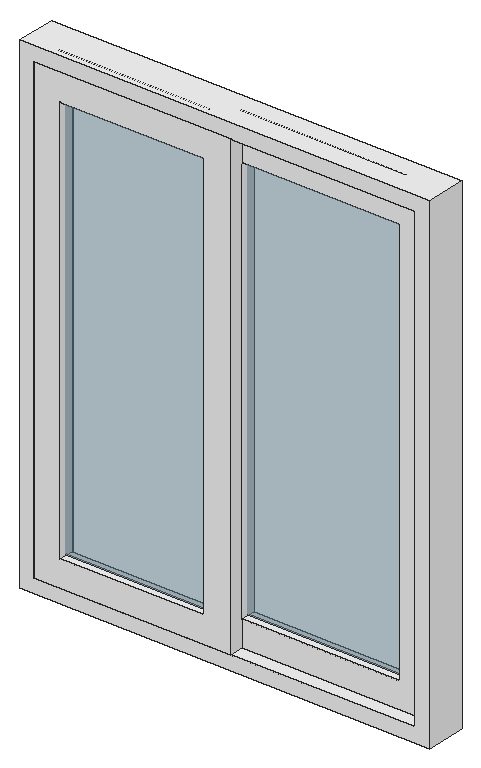
Revit family
Parameters (values of type "10 X 12")
  Assembly Code = ""
  Cost = 434204
  Top Rail = 50 mm
  Stile = 50 mm
  Shutter = 합성수지
  Panel = Glass (2)
  Height = 1210 mm
  Frame Width = 50 mm
  Frame Depth = 100 mm
  Frame = 합성수지
  Default Sill Height = 0 mm
  Wall Closure = (empty or 0)
  Width = 1010 mm
  Bottom Rail = 50 mm
Reference planes
  plane 1: y = 5
  plane 2 "Center (Left/Right)": x = 0
  plane 3 "Left": x = -505
  plane 4 "Right": x = 505
  plane 5 "Sill": z = 0
  plane 6 "Head": z = 1210
  plane 7 "Exterior": y = 80
  plane 8 "Interior": y = -70
  plane 9: x = -455
  plane 10: x = 455
  plane 11: y = 55
  plane 12: y = -45
  plane 13: z = 1160
  plane 14: z = 50
  plane 15: x = -405
  plane 16: x = 405
  plane 17: z = 1110
  plane 18: z = 100
  plane 19: x = -50
  plane 20: x = 50
  plane 21: z = 605
Forms (mm)
  Sweep 1, solid, material "합성수지" <- "Frame"
    path origin (0, 5.744, -44.994) x (1, 0, 0) y (0, 0, 1)
      loop
        line (-350, 200) -> (350, 200) -> (350, 1100) -> (-350, 1100) -> (-350, 200)
    profile origin (0, 0, 605.006) x (-1, 0, 0) y (0, -1, 0)
      loop
        line (505, 43.66) -> (470, 43.66) -> (470, 8.66) -> (455, 8.66) -> (455, -56.34) -> (505, -56.34) -> (505, 43.66)
  Extrusion 2, solid, material "합성수지" <- "Shutter"
    sketch origin (0, -45, 0) x (1, 0, 0) y (0, 0, 1)
      loop
        line (16.241, 35.006) -> (16.241, 1175.006) -> (-470, 1175.006) -> (-470, 35.006) -> (16.241, 35.006)
      loop
        line (-405, 1110) -> (-405, 100) -> (-50, 100) -> (-50, 1110) -> (-405, 1110)
    from 0 to -35
  Extrusion 3, solid, material "Glass (2)" <- "Panel"
    sketch origin (0, 0, 100) x (0, -1, 0) y (-1, 0, 0)
      loop
        line (25.5, 50) -> (29.5, 50) -> (29.5, 421.429) -> (25.5, 421.429) -> (25.5, 50)
      loop
        line (-9.5, 0) -> (-9.5, -406.59) -> (-5.5, -406.59) -> (-5.5, 0) -> (-9.5, 0)
    from 0 to -1110
  Extrusion 4, solid, material "합성수지" <- "Shutter"
    sketch origin (755, -10, 0) x (1, 0, 0) y (0, 0, 1)
      loop
        line (-285, 35.006) -> (-285, 1175.006) -> (-770, 1175.006) -> (-770, 35.006) -> (-285, 35.006)
      loop
        line (-738.759, 1110) -> (-738.759, 100) -> (-350, 100) -> (-350, 1110) -> (-738.759, 1110)
    from 0 to -35
Lines and regions (mm)
  Opening 1
    outline origin (3500, -70, 0) x (1, 0, 0) y (0, 0, 1)
      loop
        line (-2995, 0) -> (-2995, 1210) -> (-4005, 1210) -> (-4005, 0) -> (-2995, 0)
  symbolic lines, style "WindowsFrameMullionProjection", detail levels medium+fine
    curve 1: line (-505, 56.34, 0) -> (-470, 56.34, 0)
    curve 2: line (-470, -14.405, 0) -> (-470, -45, 0)
    curve 3: line (-505, -45, 0) -> (-470, -45, 0)
    curve 4: line (505, 56.34, 0) -> (455, 56.34, 0)
    curve 5: line (455, -8.66, 0) -> (470, -8.66, 0)
    curve 6: line (470, -8.66, 0) -> (470, -43.66, 0)
    curve 7: line (470, -43.66, 0) -> (505, -43.66, 0)
    curve 8: line (505, -43.66, 0) -> (505, 56.34, 0)
    curve 10: line (-505, 56.34, 0) -> (-505, -45, 0)
  symbolic lines, style "Plan Swing"
    curve 9: line (-470, -45, 0) -> (470, -43.66, 0)
  symbolic lines, style "WindowsFrameMullionProjection", detail levels coarse
    curve 11: line (-470, -45, 0) -> (-505, -45, 0)
    curve 12: line (-470, 56.34, 0) -> (-470, -45, 0)
    curve 13: line (-505, 56.34, 0) -> (-455, 56.34, 0)
    curve 14: line (-505, -45, 0) -> (-505, 56.34, 0)
    curve 15: line (470, -43.66, 0) -> (505, -43.66, 0)
    curve 16: line (470, 56.34, 0) -> (470, -43.66, 0)
    curve 17: line (505, 56.34, 0) -> (470, 56.34, 0)
    curve 18: line (505, -43.66, 0) -> (505, 56.34, 0)
    curve 32: line (-455, 56.34, 0) -> (-455, -8.66, 0)
    curve 33: line (-455, -8.66, 0) -> (-470, -8.66, 0)
    curve 34: line (455, 56.34, 0) -> (455, -8.66, 0)
  symbolic lines, style "Elevation Swing Coarse", detail levels coarse
    curve 19: line (455, 0, 605) -> (0, 0, 1005)
    curve 20: line (455, 0, 605) -> (0, 0, 95)
    curve 21: line (0, 0, 1005) -> (-455, 0, 605)
    curve 22: line (0, 0, 95) -> (-455, 0, 605)
  symbolic lines, style "Plan Swing", detail levels coarse
    curve 23: line (-470, -8.66, 0) -> (470, -8.66, 0)
  symbolic lines, style "Elevation Swing Medium", detail levels medium
    curve 24: line (455, 0, 605) -> (0, 0, 1005)
    curve 25: line (455, 0, 605) -> (0, 0, 95)
    curve 26: line (0, 0, 1005) -> (-455, 0, 605)
    curve 27: line (0, 0, 95) -> (-455, 0, 605)
  symbolic lines, style "Elevation Swing Fine", detail levels fine
    curve 28: line (455, 0, 605) -> (0, 0, 1005)
    curve 29: line (455, 0, 605) -> (0, 0, 95)
    curve 30: line (0, 0, 1005) -> (-455, 0, 605)
    curve 31: line (0, 0, 95) -> (-455, 0, 605)
Text (mm)
  text "EXTERIOR" at (-1963.203, 1332.353, 0), in view "Ref. Level"
  text "INTERIOR" at (-1981.466, -818.386, 0), in view "Ref. Level"
  text "Exterior" at (0, 923.751, 2943.296), in view "Right"
  text "Exterior" at (0, 1040.484, 2685.409), in view "Left"
Dimensions and locks
  equal spacing: plane 3 "Left", plane 2 "Center (Left/Right)", plane 4 "Right"
  "Width": plane 3 "Left" to plane 4 "Right"
  "Height": plane 5 "Sill" to plane 6 "Head"
  "Default Sill Height": plane 5 "Sill" to level
  locked: plane 7 "Exterior" to host wall at 0
  locked: plane 8 "Interior" to host wall
  locked: Sweep 1 sketch curve to Sweep 1 sketch curve at 15
  locked: Sweep 1 sketch curve to Sweep 1 sketch curve at 35
  "Frame Width": plane 3 "Left" to plane 9
  "Frame Width": plane 10 to plane 4 "Right"
  "Frame Depth": plane 12 to plane 11
  "Frame Width": plane 6 "Head" to plane 13
  "Frame Width": plane 14 to plane 5 "Sill"
  "Stile": plane 15 to plane 9
  "Stile": plane 10 to plane 16
  "Stile": plane 2 "Center (Left/Right)" to plane 19
  "Stile": plane 20 to plane 2 "Center (Left/Right)"
  "Top Rail": plane 13 to plane 17
  "Bottom Rail": plane 18 to plane 14
  equal spacing: plane 6 "Head", plane 21, plane 5 "Sill"
  equal spacing: plane 8 "Interior", plane 1, plane 7 "Exterior"
  aligned and locked: Sweep 1 sketch curve to plane 3 "Left"
  aligned and locked: plane 9 to Sweep 1 sketch curve
  aligned and locked: plane 15 to Extrusion 2 sketch curve
  aligned and locked: plane 17 to Extrusion 2 sketch curve
  aligned and locked: plane 18 to Extrusion 2 sketch curve
  aligned and locked: Extrusion 2 sketch curve to plane 19
  aligned and locked: curve 1 to Sweep 1  (x2)
  aligned and locked: Sweep 1 to curve 3
  aligned and locked: Sweep 1 to curve 4
  aligned and locked: Sweep 1 to curve 5
  aligned and locked: Sweep 1 to curve 6
  aligned and locked: curve 10 to curve 3
  aligned and locked: curve 18 to Sweep 1  (x2)
  aligned and locked: curve 23 to Sweep 1
  aligned: Extrusion 2 to Sweep 1
Automatic sketch dimensions
  curve 26 to plane 2 "Center (Left/Right)" = 0 mm
  curve 21 to plane 9 = 0 mm
  curve 21 to plane 21 = 0 mm
  curve 24 to plane 10 = 0 mm
  curve 24 to plane 21 = 0 mm
  curve 29 to plane 2 "Center (Left/Right)" = 0 mm
  curve 30 to plane 21 = 400 mm
  plane 21 to curve 29 = 510 mm
  Opening 1 sketch curve to level = 0 mm
  Opening 1 sketch curve to plane 3 "Left" = 0 mm
  Opening 1 sketch curve to plane 4 "Right" = 0 mm
  Opening 1 sketch curve to plane 6 "Head" = 0 mm
  plane 15 to Sweep 1 sketch curve = 55 mm
  Sweep 1 sketch curve to plane 16 = 55 mm
  Sweep 1 sketch curve to plane 18 = 55.006 mm
  plane 17 to Sweep 1 sketch curve = 54.994 mm
  Sweep 1 sketch curve to Sweep 1 sketch curve = 65 mm
  plane 2 "Center (Left/Right)" to Extrusion 2 sketch curve = 16.241 mm
  Extrusion 2 sketch curve to plane 9 = 15 mm
  plane 14 to Extrusion 2 sketch curve = 14.994 mm
  Extrusion 2 sketch curve to plane 13 = 15.006 mm
  Extrusion 3 sketch curve to plane 19 = 0 mm
  Extrusion 3 sketch curve to plane 2 "Center (Left/Right)" = 0 mm
  Extrusion 3 sketch curve to plane 12 = 19.5 mm
  Extrusion 3 sketch curve to plane 12 = 54.5 mm
  Extrusion 3 sketch curve to Extrusion 3 sketch curve = 4 mm  (x2)
  plane 16 to Extrusion 3 sketch curve = 1.59 mm
  Extrusion 4 sketch curve to plane 18 = 0 mm
  Extrusion 4 sketch curve to plane 20 = 33.759 mm
  Extrusion 4 sketch curve to plane 16 = 0 mm
  plane 10 to Extrusion 4 sketch curve = 15 mm
  Extrusion 4 sketch curve to plane 17 = 0 mm
  Extrusion 4 sketch curve to plane 2 "Center (Left/Right)" = 15 mm
  plane 14 to Extrusion 4 sketch curve = 14.994 mm
  Extrusion 4 sketch curve to plane 13 = 15.006 mm
  curve 10 to plane 3 "Left" = 0 mm
  curve 12 to plane 12 = 0 mm
  curve 13 to plane 9 = 0 mm
  curve 5 to plane 10 = 0 mm
  curve 4 to plane 10 = 0 mm
  curve 12 to plane 9 = 15 mm
  plane 10 to curve 23 = 15 mm
  curve 2 to curve 23 = 5.744 mm
  curve 10 to curve 1 = 0 mm
  curve 33 to plane 9 = 0 mm
  curve 34 to plane 10 = 0 mm
  curve 33 to plane 9 = 15 mm
  host wall to curve 32 = 13.66 mm
  curve 32 to plane 11 = 1.34 mm
  curve 34 to plane 11 = 1.34 mm
  host wall to curve 34 = 13.66 mm
